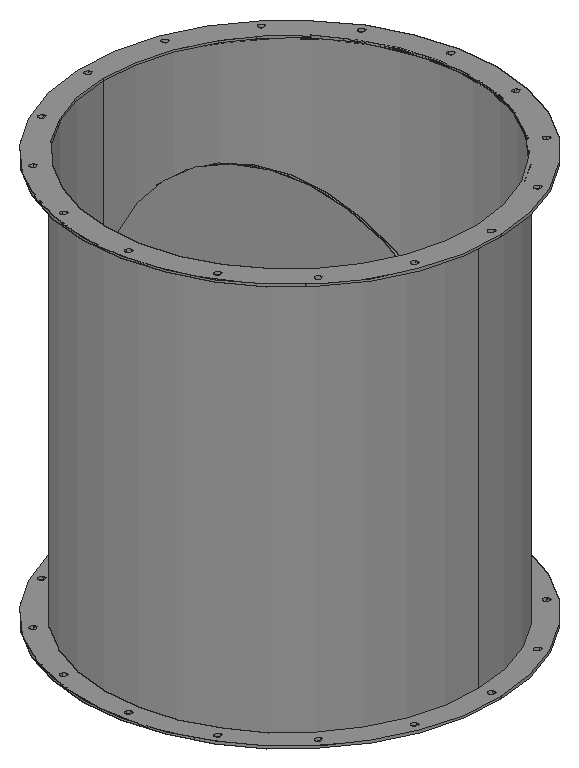
Revit family "КОМ1-ВО", category Арматура воздуховодов, Revit 2021
Family settings
  Размер круглого соединителя = Использовать диаметр
  Тип детали = Присоединяется
  На основе рабочей плоскости = Нет
  Всегда вертикально = Да
  При загрузке вырезать с полостями = Нет
  Общий = Нет
Parameters (values of type "КОМ1-ВО-900")
  Отметка по умолчанию = 0 mm
  Матеріал корпусу = Метал, пофарбований, синій, матовий RAL 5007
  Класифікація навантаження = "HVAC"  # constant formula
  Изготовитель = "Вентс"  # constant formula
  Діаметр = D2  # 1015 mm
  Довжина = L  # 1000 mm
  Вага = 53.70 kg
  t = L - 5 mm  # 995 mm
  n = 16
  l = L / 2  # 500 mm
  d = 15 mm
  URL = "https://vents.ua/ua/series/kom1-vo"
  R1 = D1 / 2  # 485 mm
  Матеріал зони обслуговуваня = none
  L = 1000 mm
  Dy = 900 mm
  Dn = Dy + 10 mm  # 910 mm
  D2 = 1015 mm
  D1 = 970 mm
  09_Назва системи [instance] = ""
  00_20_Тип = "КОМ1-ВО-900"
  00_20_Назва = "Зворотній клапан"  # constant formula
  00_20_Виробник = "Вентс"  # constant formula
Types (12, lengths in mm): name | Діаметр | Довжина | Вага | t | n | l | d | R1 | L | Dy | Dn | D2 | D1 | 00_20_Тип
  (no name) | 1015 | 1000 | 53.70 kg | 995 | 16 | 500 | 15 | 485 | 1000 | 900 | 910 | 1015 | 970 | "КОМ1-ВО-900"
  КОМ1-ВО-400 | 490 | 500 | 8.10 kg | 495 | 12 | 250 | 8 | 225.045 | 500 | 400 | 410 | 490 | 450.09 | "КОМ1-ВО-400"
  КОМ1-ВО-450 | 540 | 550 | 9.80 kg | 545 | 12 | 275 | 8 | 250 | 550 | 450 | 460 | 540 | 500 | "КОМ1-ВО-450"
  КОМ1-ВО-500 | 600 | 600 | 14.40 kg | 595 | 12 | 300 | 12 | 280 | 600 | 500 | 510 | 600 | 560 | "КОМ1-ВО-500"
  КОМ1-ВО-560 | 660 | 660 | 17.50 kg | 655 | 12 | 330 | 12 | 310 | 660 | 560 | 570 | 660 | 620 | "КОМ1-ВО-560"
  КОМ1-ВО-630 | 730 | 730 | 21.40 kg | 725 | 12 | 365 | 12 | 345 | 730 | 630 | 640 | 730 | 690 | "КОМ1-ВО-630"
  КОМ1-ВО-710 | 810 | 810 | 26.80 kg | 805 | 16 | 405 | 12 | 385 | 810 | 710 | 720 | 810 | 770 | "КОМ1-ВО-710"
  КОМ1-ВО-800 | 900 | 900 | 33.20 kg | 895 | 16 | 450 | 12 | 430 | 900 | 800 | 810 | 900 | 860 | "КОМ1-ВО-800"
  КОМ1-ВО-900 | 1015 | 1000 | 53.70 kg | 995 | 16 | 500 | 15 | 485 | 1000 | 900 | 910 | 1015 | 970 | "КОМ1-ВО-900"
  КОМ1-ВО-1000 | 1115 | 1100 | 65.00 kg | 1095 | 16 | 550 | 15 | 535 | 1100 | 1000 | 1010 | 1115 | 1070 | "КОМ1-ВО-1000"
  КОМ1-ВО-1120 | 1270 | 1220 | 82.10 kg | 1215 | 20 | 610 | 15 | 595 | 1220 | 1120 | 1130 | 1270 | 1190 | "КОМ1-ВО-1120"
  КОМ1-ВО-1250 | 1400 | 1350 | 100.30 kg | 1345 | 20 | 675 | 15 | 660 | 1350 | 1250 | 1260 | 1400 | 1320 | "КОМ1-ВО-1250"
Reference planes
  plane 1 "По центру (Вперед/Назад)": y = 0
  plane 2: z = 0
  plane 3 "По центру (Влево/Вправо)": x = 0
  plane 4: z = 1000
Forms (mm)
  Extrusion 1, solid, material "Метал, пофарбований, синій, матовий RAL 5007" <- "Матеріал корпусу"
    sketch origin (0, 0, 0) x (1, 0, 0) y (0, 1, 0)
      loop
        circle (0, 0) r 450
      loop
        circle (0, 0) r 507.5
    from 0 to 5
  Extrusion 2, void
    sketch origin (0, 263.787, 0) x (1, 0, 0) y (0, 1, 0)
      loop
        circle (0, 221.213) r 7.5
    from 0 to 5
  Extrusion 3, void
    sketch origin (100.947, 243.708, 0) x (0.92388, -0.382683, 0) y (0.382683, 0.92388, 0)
      loop
        circle (0, 221.213) r 7.5
    from 0 to 5
  Extrusion 4, void
    sketch origin (-100.947, 243.708, 0) x (0.92388, 0.382683, 0) y (-0.382683, 0.92388, 0)
      loop
        circle (0, 221.213) r 7.5
    from 0 to 5
  Extrusion 5, void
    sketch origin (-186.526, 186.526, 0) x (0.707107, 0.707107, 0) y (-0.707107, 0.707107, 0)
      loop
        circle (0, 221.213) r 7.5
    from 0 to 5
  Extrusion 6, void
    sketch origin (-243.708, 100.947, 0) x (0.382683, 0.92388, 0) y (-0.92388, 0.382683, 0)
      loop
        circle (0, 221.213) r 7.5
    from 0 to 5
  Extrusion 7, void
    sketch origin (-263.787, 0, 0) x (0, 1, 0) y (-1, 0, 0)
      loop
        circle (0, 221.213) r 7.5
    from 0 to 5
  Extrusion 8, void
    sketch origin (-243.708, -100.947, 0) x (-0.382683, 0.92388, 0) y (-0.92388, -0.382683, 0)
      loop
        circle (0, 221.213) r 7.5
    from 0 to 5
  Extrusion 9, void
    sketch origin (-186.526, -186.526, 0) x (-0.707107, 0.707107, 0) y (-0.707107, -0.707107, 0)
      loop
        circle (0, 221.213) r 7.5
    from 0 to 5
  Extrusion 10, void
    sketch origin (-100.947, -243.708, 0) x (-0.92388, 0.382683, 0) y (-0.382683, -0.92388, 0)
      loop
        circle (0, 221.213) r 7.5
    from 0 to 5
  Extrusion 11, void
    sketch origin (0, -263.787, 0) x (-1, 0, 0) y (0, -1, 0)
      loop
        circle (0, 221.213) r 7.5
    from 0 to 5
  Extrusion 12, void
    sketch origin (100.947, -243.708, 0) x (-0.92388, -0.382683, 0) y (0.382683, -0.92388, 0)
      loop
        circle (0, 221.213) r 7.5
    from 0 to 5
  Extrusion 13, void
    sketch origin (186.526, -186.526, 0) x (-0.707107, -0.707107, 0) y (0.707107, -0.707107, 0)
      loop
        circle (0, 221.213) r 7.5
    from 0 to 5
  Extrusion 14, solid, material "Метал, пофарбований, синій, матовий RAL 5007" <- "Матеріал корпусу"
    sketch origin (0, 0, 0) x (1, 0, 0) y (0, 1, 0)
      loop
        circle (0, 0) r 450
      loop
        circle (0, 0) r 455
    from 5 to 995 <- "t"
  Extrusion 15, solid, material "Метал, пофарбований, синій, матовий RAL 5007" <- "Матеріал корпусу"
    sketch origin (0, 0, 0) x (1, 0, 0) y (0, 1, 0)
      loop
        circle (0, 0) r 450
      loop
        circle (0, 0) r 507.5
    from 995 to 1000
  Extrusion 16, void
    sketch origin (0, 263.053, 0) x (1, 0, 0) y (0, 1, 0)
      loop
        circle (0, 221.947) r 7.5
    from 995 <- "t" to 1000 <- "L"
  Extrusion 17, void
    sketch origin (100.666, 243.03, 0) x (0.92388, -0.382683, 0) y (0.382683, 0.92388, 0)
      loop
        circle (0, 221.947) r 7.5
    from 995 <- "t" to 1000 <- "L"
  Extrusion 18, void
    sketch origin (-100.666, 243.03, 0) x (0.92388, 0.382683, 0) y (-0.382683, 0.92388, 0)
      loop
        circle (0, 221.947) r 7.5
    from 995 <- "t" to 1000 <- "L"
  Extrusion 19, void
    sketch origin (-186.007, 186.007, 0) x (0.707107, 0.707107, 0) y (-0.707107, 0.707107, 0)
      loop
        circle (0, 221.947) r 7.5
    from 995 <- "t" to 1000 <- "L"
  Extrusion 20, void
    sketch origin (-243.03, 100.666, 0) x (0.382683, 0.92388, 0) y (-0.92388, 0.382683, 0)
      loop
        circle (0, 221.947) r 7.5
    from 995 <- "t" to 1000 <- "L"
  Extrusion 21, void
    sketch origin (-263.053, 0, 0) x (0, 1, 0) y (-1, 0, 0)
      loop
        circle (0, 221.947) r 7.5
    from 995 <- "t" to 1000 <- "L"
  Extrusion 22, void
    sketch origin (-243.03, -100.666, 0) x (-0.382683, 0.92388, 0) y (-0.92388, -0.382683, 0)
      loop
        circle (0, 221.947) r 7.5
    from 995 <- "t" to 1000 <- "L"
  Extrusion 23, void
    sketch origin (-186.007, -186.007, 0) x (-0.707107, 0.707107, 0) y (-0.707107, -0.707107, 0)
      loop
        circle (0, 221.947) r 7.5
    from 995 <- "t" to 1000 <- "L"
  Extrusion 24, void
    sketch origin (-100.666, -243.03, 0) x (-0.92388, 0.382683, 0) y (-0.382683, -0.92388, 0)
      loop
        circle (0, 221.947) r 7.5
    from 995 <- "t" to 1000 <- "L"
  Extrusion 25, void
    sketch origin (0, -263.053, 0) x (-1, 0, 0) y (0, -1, 0)
      loop
        circle (0, 221.947) r 7.5
    from 995 <- "t" to 1000 <- "L"
  Extrusion 26, void
    sketch origin (100.666, -243.03, 0) x (-0.92388, -0.382683, 0) y (0.382683, -0.92388, 0)
      loop
        circle (0, 221.947) r 7.5
    from 995 <- "t" to 1000 <- "L"
  Extrusion 27, void
    sketch origin (186.007, -186.007, 0) x (-0.707107, -0.707107, 0) y (0.707107, -0.707107, 0)
      loop
        circle (0, 221.947) r 7.5
    from 995 <- "t" to 1000 <- "L"
  Extrusion 28, solid, material "Метал, пофарбований, синій, матовий RAL 5007" <- "Матеріал корпусу"
    sketch origin (0, 0, 0) x (1, 0, 0) y (0, 0, 1)
      loop
        line (-450, 500) -> (450, 500)
        arc (450, 500) -> (0, 950) -> (-450, 500) r 450
    from 2.5 to -2.5
  Extrusion 29, solid, material "Метал, пофарбований, синій, матовий RAL 5007" <- "Матеріал корпусу"
    sketch origin (0, 0, 0) x (1, 0, 0) y (0, 0, 1)
      loop
        arc (-450, 500) -> (0, 50) -> (450, 500) r 450
        line (450, 500) -> (-450, 500)
    from 2.5 to -2.5
  Extrusion 30, void
    sketch origin (243.708, -100.947, 0) x (-0.382683, -0.92388, 0) y (0.92388, -0.382683, 0)
      loop
        circle (0, 221.213) r 7.5
    from 0 to 5
  Extrusion 31, void
    sketch origin (263.787, 0, 0) x (0, -1, 0) y (1, 0, 0)
      loop
        circle (0, 221.213) r 7.5
    from 0 to 5
  Extrusion 32, void
    sketch origin (243.708, 100.947, 0) x (0.382683, -0.92388, 0) y (0.92388, 0.382683, 0)
      loop
        circle (0, 221.213) r 7.5
    from 0 to 5
  Extrusion 33, void
    sketch origin (186.526, 186.526, 0) x (0.707107, -0.707107, 0) y (0.707107, 0.707107, 0)
      loop
        circle (0, 221.213) r 7.5
    from 0 to 5
  Extrusion 34, void
    sketch origin (243.03, -100.666, 0) x (-0.382683, -0.92388, 0) y (0.92388, -0.382683, 0)
      loop
        circle (0, 221.947) r 7.5
    from 995 <- "t" to 1000 <- "L"
  Extrusion 35, void
    sketch origin (263.053, 0, 0) x (0, -1, 0) y (1, 0, 0)
      loop
        circle (0, 221.947) r 7.5
    from 995 <- "t" to 1000 <- "L"
  Extrusion 36, void
    sketch origin (243.03, 100.666, 0) x (0.382683, -0.92388, 0) y (0.92388, 0.382683, 0)
      loop
        circle (0, 221.947) r 7.5
    from 995 <- "t" to 1000 <- "L"
  Extrusion 37, void
    sketch origin (186.007, 186.007, 0) x (0.707107, -0.707107, 0) y (0.707107, 0.707107, 0)
      loop
        circle (0, 221.947) r 7.5
    from 995 <- "t" to 1000 <- "L"
Cuts and joins
  Extrusion 2, Extrusion 3, Extrusion 4, Extrusion 5, Extrusion 6, Extrusion 7, Extrusion 8, Extrusion 9, Extrusion 10, Extrusion 11, Extrusion 12, Extrusion 13, Extrusion 30, Extrusion 31, Extrusion 32, Extrusion 33 cuts Extrusion 1
  Extrusion 16, Extrusion 17, Extrusion 18, Extrusion 19, Extrusion 20, Extrusion 21, Extrusion 22, Extrusion 23, Extrusion 24, Extrusion 25, Extrusion 26, Extrusion 27, Extrusion 34, Extrusion 35, Extrusion 36, Extrusion 37 cuts Extrusion 15
Dimensions and locks
  "L": level to plane 4
  locked: Extrusion 1 to Extrusion 1 at 5
  locked: Extrusion 15 to Extrusion 15 at 5
  "l": Extrusion 28 sketch curve to level
  equal spacing: level, Extrusion 29 sketch curve, plane 4
  "Dy": diameter of Extrusion 1 sketch curve
  "D2": diameter of Extrusion 1 sketch curve
  "d": diameter of Extrusion 2 sketch curve
  "d": diameter of Extrusion 3 sketch curve
  "d": diameter of Extrusion 4 sketch curve
  "d": diameter of Extrusion 5 sketch curve
  "d": diameter of Extrusion 6 sketch curve
  "d": diameter of Extrusion 7 sketch curve
  "d": diameter of Extrusion 8 sketch curve
  "d": diameter of Extrusion 9 sketch curve
  "d": diameter of Extrusion 10 sketch curve
  "d": diameter of Extrusion 11 sketch curve
  "d": diameter of Extrusion 12 sketch curve
  "d": diameter of Extrusion 13 sketch curve
  "R1": radius of radial array  (x2)
  "Dn": diameter of Extrusion 14 sketch curve
  "Dy": diameter of Extrusion 14 sketch curve
  "Dy": diameter of Extrusion 15 sketch curve
  "D2": diameter of Extrusion 15 sketch curve
  "d": diameter of Extrusion 16 sketch curve
  "d": diameter of Extrusion 17 sketch curve
  "d": diameter of Extrusion 18 sketch curve
  "d": diameter of Extrusion 19 sketch curve
  "d": diameter of Extrusion 20 sketch curve
  "d": diameter of Extrusion 21 sketch curve
  "d": diameter of Extrusion 22 sketch curve
  "d": diameter of Extrusion 23 sketch curve
  "d": diameter of Extrusion 24 sketch curve
  "d": diameter of Extrusion 25 sketch curve
  "d": diameter of Extrusion 26 sketch curve
  "d": diameter of Extrusion 27 sketch curve
  "Dy": diameter of Extrusion 28 sketch curve
  "Dy": diameter of Extrusion 29 sketch curve
  "d": diameter of Extrusion 30 sketch curve
  "d": diameter of Extrusion 31 sketch curve
  "d": diameter of Extrusion 32 sketch curve
  "d": diameter of Extrusion 33 sketch curve
  "d": diameter of Extrusion 34 sketch curve
  "d": diameter of Extrusion 35 sketch curve
  "d": diameter of Extrusion 36 sketch curve
  "d": diameter of Extrusion 37 sketch curve
  aligned and locked: level to plane 2
  aligned and locked: Extrusion 14 to cut or joined group 1 (Extrusion 1, Extrusion 2, Extrusion 3, Extrusion 4, Extrusion 5, Extrusion 6, Extrusion 7, Extrusion 8, Extrusion 9, Extrusion 10, Extrusion 11, Extrusion 12, Extrusion 13, Extrusion 30, Extrusion 31, Extrusion 32, Extrusion 33)
  aligned and locked: plane 4 to Extrusion 15
Automatic sketch dimensions
  Extrusion 1 sketch curve to Extrusion 1 sketch curve = 0 mm  (x2)
  plane 1 "По центру (Вперед/Назад)" to Extrusion 1 sketch curve = 0 mm
  Extrusion 1 sketch curve to plane 3 "По центру (Влево/Вправо)" = 0 mm
  Extrusion 14 sketch curve to Extrusion 14 sketch curve = 0 mm  (x2)
  plane 1 "По центру (Вперед/Назад)" to Extrusion 14 sketch curve = 0 mm
  Extrusion 14 sketch curve to plane 3 "По центру (Влево/Вправо)" = 0 mm
  Extrusion 15 sketch curve to Extrusion 15 sketch curve = 0 mm  (x2)
  plane 1 "По центру (Вперед/Назад)" to Extrusion 15 sketch curve = 0 mm
  Extrusion 15 sketch curve to plane 3 "По центру (Влево/Вправо)" = 0 mm
  Extrusion 28 sketch curve to plane 3 "По центру (Влево/Вправо)" = 0 mm
  Extrusion 29 sketch curve to plane 3 "По центру (Влево/Вправо)" = 0 mm
Connectors
  hvac at (0, 0, 0), driven by "Dy"
    settings: on cut or joined group 1, index 2, duct flow 0.0 L/s, flow factor 0, pres drop 0.0 Pa, loss coef 0, conn angle 0.00°, conn width 304.8 mm, conn height 304.8 mm, conn diameter 900 mm, duct sys type 3, conn prof type 0, flow config 0, flow direction 0, loss method 0, conn ref index -1, conn util no, is conn primary yes, conn desc ""
  hvac at (0, 0, 1000), driven by "Dy"
    settings: on cut or joined group of Extrusion 15, Extrusion 16, Extrusion 17, Extrusion 18, Extrusion 19, Extrusion 20, Extrusion 21, Extrusion 22, Extrusion 23, Extrusion 24, Extrusion 25, Extrusion 26, Extrusion 27, Extrusion 34, Extrusion 35, Extrusion 36, Extrusion 37, index 3, duct flow 0.0 L/s, flow factor 0, pres drop 0.0 Pa, loss coef 0, conn angle 0.00°, conn width 304.8 mm, conn height 304.8 mm, conn diameter 900 mm, duct sys type 3, conn prof type 0, flow config 0, flow direction 0, loss method 0, conn ref index -1, conn util no, is conn primary no, conn desc ""
